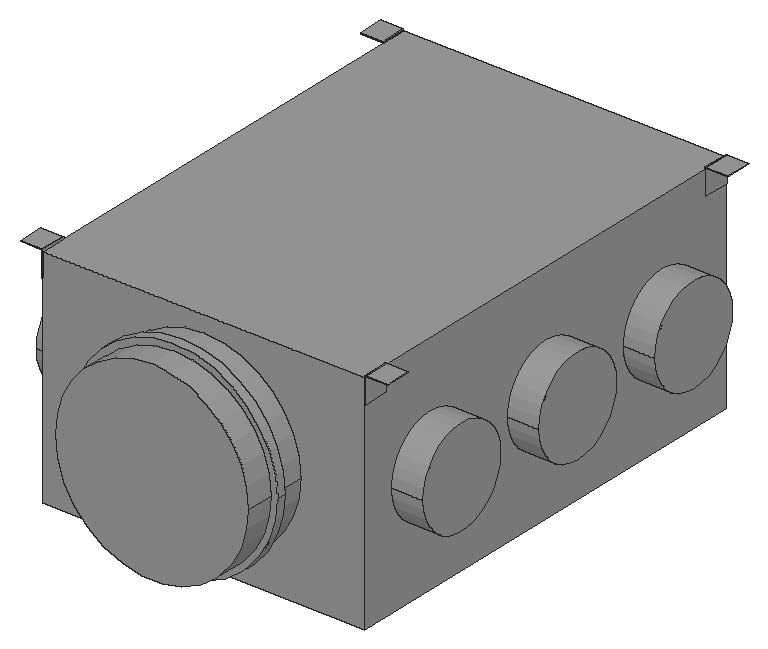
Revit family "SA_FASU(F8-150 300Φ)", category ダクト付属品, Revit 2020
Family settings
  丸型コネクタ寸法 = 直径を使用
  パーツ タイプ = ダンパー
  OmniClass 番号 = 23.75.00.00
  OmniClass タイトル = Climate Control (HVAC)
  作業面ベース = いいえ
  常に垂直 = はい
  ロード時にボイドで切り取り = いいえ
  共有 = いいえ
Parameters
  高さ = 350 mm
  風量 = 0.0 L/s
  符号 = "FASU"
  形式 = "F8-150 300φ"
  幅 [instance] = 500 mm
  奥行き = 700 mm
  大きさ = 250 mm
  呼称 = "FASUチャンバー"
  付属品_下端レベル [instance] = 0 mm
  マテリアル [instance] = 既定値
  ダクト_イン = 300 mm
  ダクト_アウト = 150 mm
  既定の高さ = 0 mm
Reference planes
  plane 1 "中心(正面/背面)": y = 0
  plane 2: z = 0
  plane 3 "中心(左/右)": x = 0
  plane 4: x = -250
  plane 5: x = 250
  plane 6: y = -700
  plane 7: z = 350
  plane 8: z = 175
  plane 9: z = 266.963
  plane 10: z = 86.159
  plane 11: x = -251
  plane 12: z = 313.122
  plane 13: z = 352.122
  plane 14: y = -350
Forms (mm)
  Extrusion 1, solid, material "既定値" <- "マテリアル"
    sketch origin (0, 0, 0) x (1, 0, 0) y (0, 1, 0)
      loop
        line (-250, 0) -> (-250, -700) -> (250, -700) -> (250, 0) -> (-250, 0)
    from 0 to 350
  Extrusion 2, solid, material "既定値" <- "マテリアル"
    sketch origin (0, -30, 0) x (1, 0, 0) y (0, 1, 0)
      loop
        line (-250, 30) -> (-251, 30) -> (-251, -10) -> (-250, -10) -> (-250, 30)
    from 313.122 to 350
  Extrusion 3, solid, material "既定値" <- "マテリアル"
    sketch origin (0, -30, 0) x (1, 0, 0) y (0, 1, 0)
      loop
        line (-285, 30) -> (-285, -10) -> (-251, -10) -> (-251, 30) -> (-285, 30)
    from 352.122 to 350
  Extrusion 4, solid, material "既定値" <- "マテリアル"
    sketch origin (0, -30, 0) x (-1, 0, 0) y (0, -1, 0)
      loop
        line (-250, -30) -> (-250, 10) -> (-251, 10) -> (-251, -30) -> (-250, -30)
    from 313.122 to 353.122
  Extrusion 5, solid, material "既定値" <- "マテリアル"
    sketch origin (0, -30, 0) x (-1, 0, 0) y (0, -1, 0)
      loop
        line (-285, -30) -> (-251, -30) -> (-251, 10) -> (-285, 10) -> (-285, -30)
    from 352.122 to 353.122
  Extrusion 6, solid, material "既定値" <- "マテリアル"
    sketch origin (0, -490, 0) x (1, 0, 0) y (0, 1, 0)
      loop
        line (-285, -170) -> (-285, -210) -> (-251, -210) -> (-251, -170) -> (-285, -170)
    from 352.122 to 353.122
  Extrusion 7, solid, material "既定値" <- "マテリアル"
    sketch origin (0, -490, 0) x (1, 0, 0) y (0, 1, 0)
      loop
        line (-250, -170) -> (-251, -170) -> (-251, -210) -> (-250, -210) -> (-250, -170)
    from 313.122 to 353.122
  Extrusion 8, solid, material "既定値" <- "マテリアル"
    sketch origin (0, -490, 0) x (-1, 0, 0) y (0, -1, 0)
      loop
        line (-285, 170) -> (-251, 170) -> (-251, 210) -> (-285, 210) -> (-285, 170)
    from 352.122 to 353.122
  Extrusion 9, solid, material "既定値" <- "マテリアル"
    sketch origin (0, -490, 0) x (-1, 0, 0) y (0, -1, 0)
      loop
        line (-250, 170) -> (-250, 210) -> (-251, 210) -> (-251, 170) -> (-250, 170)
    from 313.122 to 353.122
  Extrusion 10, solid, material "既定値" <- "マテリアル"
    sketch origin (550, -582.5, 0) x (0, -1, 0) y (0, 0, -1)
      loop
        circle (-232.5, -175) r 74.985
    from -300 to -250
  Extrusion 11, solid, material "既定値" <- "マテリアル"
    sketch origin (-550, -582.5, 0) x (0, -1, 0) y (0, 0, 1)
      loop
        circle (-232.5, 175) r 74.985
    from -300 to -250
  Extrusion 12, solid, material "既定値" <- "マテリアル"
    sketch origin (0, -700, 0) x (1, 0, 0) y (0, 0, 1)
      loop
        circle (0, 175) r 150
    from 0 to 42.5
  Extrusion 13, solid, material "既定値" <- "マテリアル"
    sketch origin (0, -743, 0) x (1, 0, 0) y (0, 0, 1)
      loop
        circle (0, 175) r 160
    from -0.5 to 14.5
  Extrusion 14, solid, material "既定値" <- "マテリアル"
    sketch origin (0, -757.5, 0) x (1, 0, 0) y (0, 0, 1)
      loop
        circle (0, 175) r 150
    from 0 to 42.5
  Extrusion 15, solid, material "既定値" <- "マテリアル"
    sketch origin (550, -357.5, 0) x (0, -1, 0) y (0, 0, -1)
      loop
        circle (-232.5, -175) r 74.985
    from -300 to -250
  Extrusion 16, solid, material "既定値" <- "マテリアル"
    sketch origin (-550, -357.5, 0) x (0, -1, 0) y (0, 0, 1)
      loop
        circle (-232.5, 175) r 74.985
    from -300 to -250
  Extrusion 17, solid, material "既定値" <- "マテリアル"
    sketch origin (550, -142.5, 0) x (0, 1, 0) y (0, 0, 1)
      loop
        circle (-432.5, 175) r 74.985
    from -300 to -250
  Extrusion 18, solid, material "既定値" <- "マテリアル"
    sketch origin (0, -142.5, 0) x (0, 1, 0) y (0, 0, 1)
      loop
        circle (-432.5, 175) r 74.985
    from -300 to -250
  Extrusion 19, solid, material "既定値" <- "マテリアル"
    sketch origin (345.5, 300, 0) x (1, 0, 0) y (0, 0, -1)
      loop
        circle (-232.5, -175) r 74.985
    from -300 to -250
  Extrusion 20, solid, material "既定値" <- "マテリアル"
    sketch origin (-345.5, 300, 0) x (-1, 0, 0) y (0, 0, 1)
      loop
        circle (-232.5, 175) r 74.985
    from -300 to -250
Lines and regions (mm)
  model lines
    curve 1: line (-250, -30, 0) -> (250, -30, 0)
    curve 2: line (-250, -670, 0) -> (250, -670, 0)
Text (mm)
  text "FASU(F8-150 300Φ)" at (3.713, -630.412, 0), in view "参照レベル"
Dimensions and locks
  equal spacing: plane 4, plane 3 "中心(左/右)", plane 5
  "幅": plane 4 to plane 5
  "奥行き": plane 6 to plane 1 "中心(正面/背面)"
  "高さ": plane 7 to level
  equal spacing: plane 7, plane 8, level
  equal spacing: plane 6, plane 14, plane 1 "中心(正面/背面)"
  aligned and locked: level to plane 2
  aligned and locked: Extrusion 1 sketch curve to plane 5
  aligned and locked: plane 7 to Extrusion 1
  aligned and locked: Extrusion 2 sketch curve to Extrusion 1
  aligned and locked: plane 7 to Extrusion 2
  aligned and locked: Extrusion 3 sketch curve to Extrusion 2
  aligned and locked: Extrusion 2 to Extrusion 3 sketch curve
  aligned and locked: plane 7 to Extrusion 3
  aligned and locked: Extrusion 3 to plane 13
  aligned and locked: Extrusion 4 to Extrusion 5 sketch curve
  aligned and locked: Extrusion 5 sketch curve to Extrusion 4
  aligned and locked: Extrusion 1 to Extrusion 8
  aligned and locked: Extrusion 6 to Extrusion 1
  aligned and locked: Extrusion 7 to Extrusion 1
  aligned and locked: Extrusion 1 to Extrusion 9
  aligned and locked: Extrusion 9 to Extrusion 8
  aligned and locked: Extrusion 7 to Extrusion 6
  aligned and locked: plane 4 to Extrusion 7
  aligned and locked: Extrusion 9 to plane 5
  aligned and locked: plane 4 to curve 1
  aligned and locked: plane 5 to curve 1
  aligned and locked: plane 5 to curve 2
  aligned and locked: Extrusion 1 to Extrusion 3
  aligned and locked: Extrusion 5 to Extrusion 1
  aligned and locked: Extrusion 4 to plane 5
  aligned and locked: Extrusion 1 to plane 6
  aligned and locked: Extrusion 1 to plane 1 "中心(正面/背面)"
  aligned and locked: plane 6 to Extrusion 12
  aligned and locked: Extrusion 15 to plane 5
  aligned and locked: plane 4 to Extrusion 16
  aligned and locked: Extrusion 17 to plane 5
  aligned and locked: plane 4 to Extrusion 18
  aligned and locked: plane 1 "中心(正面/背面)" to Extrusion 19
  aligned and locked: plane 1 "中心(正面/背面)" to Extrusion 20
Automatic sketch dimensions
  curve 2 to plane 4 = 0 mm
  plane 6 to curve 2 = 30 mm
  plane 1 "中心(正面/背面)" to curve 1 = 30 mm
  Extrusion 1 sketch curve to plane 4 = 0 mm
  Extrusion 1 sketch curve to plane 6 = 0 mm
  plane 1 "中心(正面/背面)" to Extrusion 1 sketch curve = 0 mm
  plane 1 "中心(正面/背面)" to Extrusion 2 sketch curve = 0 mm
  Extrusion 2 sketch curve to plane 11 = 0 mm
  Extrusion 2 sketch curve to Extrusion 2 sketch curve = 40 mm
  plane 1 "中心(正面/背面)" to Extrusion 3 sketch curve = 0 mm
  Extrusion 3 sketch curve to Extrusion 3 sketch curve = 34 mm
  plane 1 "中心(正面/背面)" to Extrusion 4 sketch curve = 0 mm
  Extrusion 4 sketch curve to plane 5 = 0 mm
  Extrusion 4 sketch curve to Extrusion 4 sketch curve = 1 mm
  Extrusion 4 sketch curve to Extrusion 4 sketch curve = 40 mm
  plane 1 "中心(正面/背面)" to Extrusion 5 sketch curve = 0 mm
  Extrusion 5 sketch curve to Extrusion 5 sketch curve = 34 mm
  Extrusion 6 sketch curve to plane 6 = 0 mm
  Extrusion 6 sketch curve to plane 11 = 0 mm
  Extrusion 6 sketch curve to plane 11 = 34 mm
  plane 6 to Extrusion 6 sketch curve = 40 mm
  Extrusion 7 sketch curve to plane 11 = 0 mm
  Extrusion 7 sketch curve to plane 4 = 0 mm
  Extrusion 7 sketch curve to plane 6 = 0 mm
  plane 6 to Extrusion 7 sketch curve = 40 mm
  Extrusion 8 sketch curve to plane 6 = 0 mm
  Extrusion 8 sketch curve to plane 5 = 35 mm
  Extrusion 8 sketch curve to plane 5 = 1 mm
  Extrusion 8 sketch curve to Extrusion 8 sketch curve = 40 mm
  Extrusion 9 sketch curve to plane 6 = 0 mm
  Extrusion 9 sketch curve to plane 5 = 0 mm
  Extrusion 9 sketch curve to Extrusion 9 sketch curve = 1 mm
  Extrusion 9 sketch curve to Extrusion 9 sketch curve = 40 mm
  Extrusion 10 sketch curve to plane 8 = 0 mm
  Extrusion 10 sketch curve to plane 14 = 0 mm
  Extrusion 11 sketch curve to plane 8 = 0 mm
  Extrusion 11 sketch curve to plane 14 = 0 mm
  Extrusion 12 sketch curve to plane 3 "中心(左/右)" = 0 mm
  Extrusion 12 sketch curve to plane 8 = 0 mm
  Extrusion 13 sketch curve to plane 3 "中心(左/右)" = 0 mm
  Extrusion 13 sketch curve to plane 8 = 0 mm
  Extrusion 14 sketch curve to plane 3 "中心(左/右)" = 0 mm
  Extrusion 14 sketch curve to plane 8 = 0 mm
  Extrusion 15 sketch curve to plane 8 = 0 mm
  plane 1 "中心(正面/背面)" to Extrusion 15 sketch curve = 125 mm
  Extrusion 16 sketch curve to plane 8 = 0 mm
  plane 1 "中心(正面/背面)" to Extrusion 16 sketch curve = 125 mm
  Extrusion 17 sketch curve to plane 8 = 0 mm
  plane 6 to Extrusion 17 sketch curve = 125 mm
  Extrusion 18 sketch curve to plane 8 = 0 mm
  plane 6 to Extrusion 18 sketch curve = 125 mm
  Extrusion 19 sketch curve to plane 8 = 0 mm
  plane 3 "中心(左/右)" to Extrusion 19 sketch curve = 113 mm
  Extrusion 20 sketch curve to plane 8 = 0 mm
  Extrusion 20 sketch curve to plane 3 "中心(左/右)" = 113 mm
  radius of Extrusion 10 sketch curve = 74.985 mm
  radius of Extrusion 11 sketch curve = 74.985 mm
  radius of Extrusion 12 sketch curve = 150 mm
  radius of Extrusion 13 sketch curve = 160 mm
  radius of Extrusion 14 sketch curve = 150 mm
  radius of Extrusion 15 sketch curve = 74.985 mm
  radius of Extrusion 16 sketch curve = 74.985 mm
  radius of Extrusion 17 sketch curve = 74.985 mm
  radius of Extrusion 18 sketch curve = 74.985 mm
  radius of Extrusion 19 sketch curve = 74.985 mm
  radius of Extrusion 20 sketch curve = 74.985 mm
Connectors
  hvac at (-300, -575, 175), driven by "ダクト_アウト"
    settings: on Extrusion 18, index 1, duct flow 0.0 L/s, flow factor 0, pres drop 0.0 Pa, loss coef 0, conn angle 0.00°, conn width 304.8 mm, conn height 304.8 mm, conn diameter 150 mm, duct sys type 29, conn prof type 0, flow config 0, flow direction 2, loss method 0, conn ref index -1, conn util no, is conn primary yes, conn desc ""
  hvac at (-300, -350, 175), driven by "ダクト_アウト"
    settings: on Extrusion 11, index 2, duct flow 0.0 L/s, flow factor 0, pres drop 0.0 Pa, loss coef 0, conn angle 0.00°, conn width 304.8 mm, conn height 304.8 mm, conn diameter 150 mm, duct sys type 29, conn prof type 0, flow config 0, flow direction 2, loss method 0, conn ref index -1, conn util no, is conn primary no, conn desc ""
  hvac at (-300, -125, 175), driven by "ダクト_アウト"
    settings: on Extrusion 16, index 3, duct flow 0.0 L/s, flow factor 0, pres drop 0.0 Pa, loss coef 0, conn angle 0.00°, conn width 304.8 mm, conn height 304.8 mm, conn diameter 150 mm, duct sys type 29, conn prof type 0, flow config 0, flow direction 2, loss method 0, conn ref index -1, conn util no, is conn primary no, conn desc ""
  hvac at (-113, 50, 175), driven by "ダクト_アウト"
    settings: on Extrusion 20, index 4, duct flow 0.0 L/s, flow factor 0, pres drop 0.0 Pa, loss coef 0, conn angle 0.00°, conn width 304.8 mm, conn height 304.8 mm, conn diameter 150 mm, duct sys type 29, conn prof type 0, flow config 0, flow direction 2, loss method 0, conn ref index -1, conn util no, is conn primary no, conn desc ""
  hvac at (113, 50, 175), driven by "ダクト_アウト"
    settings: on Extrusion 19, index 5, duct flow 0.0 L/s, flow factor 0, pres drop 0.0 Pa, loss coef 0, conn angle 0.00°, conn width 304.8 mm, conn height 304.8 mm, conn diameter 150 mm, duct sys type 29, conn prof type 0, flow config 0, flow direction 2, loss method 0, conn ref index -1, conn util no, is conn primary no, conn desc ""
  hvac at (300, -125, 175), driven by "ダクト_アウト"
    settings: on Extrusion 15, index 6, duct flow 0.0 L/s, flow factor 0, pres drop 0.0 Pa, loss coef 0, conn angle 0.00°, conn width 304.8 mm, conn height 304.8 mm, conn diameter 150 mm, duct sys type 29, conn prof type 0, flow config 0, flow direction 2, loss method 0, conn ref index -1, conn util no, is conn primary no, conn desc ""
  hvac at (300, -350, 175), driven by "ダクト_アウト"
    settings: on Extrusion 10, index 7, duct flow 0.0 L/s, flow factor 0, pres drop 0.0 Pa, loss coef 0, conn angle 0.00°, conn width 304.8 mm, conn height 304.8 mm, conn diameter 150 mm, duct sys type 29, conn prof type 0, flow config 0, flow direction 2, loss method 0, conn ref index -1, conn util no, is conn primary no, conn desc ""
  hvac at (300, -575, 175), driven by "ダクト_アウト"
    settings: on Extrusion 17, index 8, duct flow 0.0 L/s, flow factor 0, pres drop 0.0 Pa, loss coef 0, conn angle 0.00°, conn width 304.8 mm, conn height 304.8 mm, conn diameter 150 mm, duct sys type 29, conn prof type 0, flow config 0, flow direction 2, loss method 0, conn ref index -1, conn util no, is conn primary no, conn desc ""
  hvac at (0, -800, 175), driven by "ダクト_イン"
    settings: on Extrusion 14, index 9, duct flow 0.0 L/s, flow factor 0, pres drop 0.0 Pa, loss coef 0, conn angle 0.00°, conn width 304.8 mm, conn height 304.8 mm, conn diameter 300 mm, duct sys type 29, conn prof type 0, flow config 0, flow direction 1, loss method 0, conn ref index -1, conn util no, is conn primary no, conn desc ""
